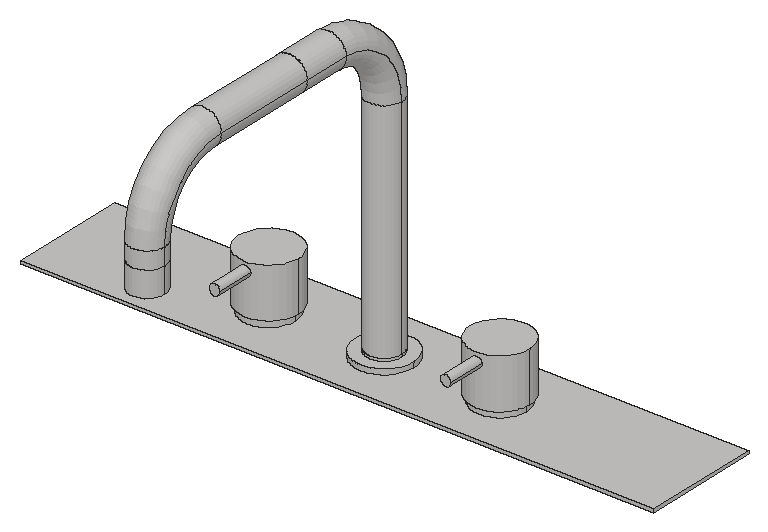
Revit family "BK6", category Generic Models, Revit 2021
Family settings
  Can host rebar = No
  Round Connector Dimension = Use Diameter
  Part Type = Normal
  Work Plane-Based = No
  Always vertical = Yes
  Cut with Voids When Loaded = No
  Shared = No
  Room Calculation Point = No
Parameters (values of type "Standard")
  e-mail = "info@vola.com"
  URL = "http://vola.com"
  Telephone = "+45 7023 5500"
  Quality management standard = "ISO 9001"
  Organisation no. / DUNS no. = "17531328"
  Occupational health and safety management standard = "ISO 18001"
  Mounting Instructions = "http://vola.com/service/producturl.ashx?name=BK6"
  Model = "BK6"
  Materials and components information = "http://vola.com/service/producturl.ashx?name=BK6"
  Manufacturer = "VOLA A/S"
  Maintenance Instructions = "http://vola.com/service/producturl.ashx?name=BK6"
  Guarantee = "2 years"
  Flow = "30,00 l/min"
  Environmental management standard = "ISO 14000"
  Default Elevation = 0.0000 mm
  Connection - All relevant connections = "½\" flexible hose"
  Approvals = "http://vola.com/service/producturl.ashx?name=BK6"
Reference planes
  plane 1 "Center (Front/Back)": y = 0
  plane 2: z = 0
  plane 3 "Center (Left/Right)": x = 0
Forms (mm)
  Extrusion 1, solid, material "Stainless Steel"
    sketch origin (0, 0, 6.5) x (1, 0, 0) y (0, 1, 0)
      loop
        line (-213.5, 40) -> (-213.5, -40) -> (213.5, -40) -> (213.5, 40) -> (-213.5, 40)
    from -6.5 to -4.5
  Extrusion 2, solid, material "Stainless Steel"
    sketch origin (0, 0, 2) x (1, 0, 0) y (0, 1, 0)
      loop
        circle (0, 0) r 20
    from 0 to 3.5
  Extrusion 3, solid, material "Stainless Steel"
    sketch origin (0, 0, 5.5) x (1, 0, 0) y (0, 1, 0)
      loop
        circle (0, 0) r 12
    from 0 to 2
  Sweep 4, solid, material "Stainless Steel"
    path origin (0, 0, 0) x (0, 1, 0) y (0, 0, 1)
      loop
        line (0, 7.5) -> (0, 160)
        arc (0, 160) -> (-13.912, 193.588) -> (-47.5, 207.5) r 47.5
        line (-47.5, 207.5) -> (-80, 207.5)
    profile origin (0, 0, 83.75) x (0, -1, 0) y (1, 0, 0)
      loop
        circle (0, 0) r 12
  Sweep 5, solid, material "Stainless Steel"
    path origin (0, 0, 0) x (0, 1, 0) y (0, 0, 1)
      loop
        line (-80, 207.5) -> (-152.5, 207.5)
        arc (-152.5, 207.5) -> (-186.088, 193.588) -> (-200, 160) r 47.5
        line (-200, 160) -> (-200, 148.5)
    profile origin (0, -116.25, 207.5) x (0, 0, -1) y (1, 0, 0)
      loop
        circle (0, 0) r 12
  Extrusion 6, solid, material "Stainless Steel"
    sketch origin (0, -200, 148.5) x (0, -1, 0) y (-1, 0, 0)
      loop
        circle (0, 0) r 12
    from 0 to 17.2
  Extrusion 7, solid, material "Stainless Steel"
    sketch origin (-78, 0, 0) x (1, 0, 0) y (0, 1, 0)
      loop
        circle (0, 0) r 20
    from 7 to 40.5
  Extrusion 8, solid, material "Stainless Steel"
    sketch origin (-78, 0, 0) x (1, 0, 0) y (0, 1, 0)
      loop
        circle (0, 0) r 18
    from 2 to 7
  Extrusion 9, solid, material "Stainless Steel"
    sketch origin (78, 0, 0) x (-1, 0, 0) y (0, -1, 0)
      loop
        circle (0, 0) r 20
    from 7 to 40.5
  Extrusion 10, solid, material "Stainless Steel"
    sketch origin (78, 0, 0) x (-1, 0, 0) y (0, -1, 0)
      loop
        circle (0, 0) r 18
    from 2 to 7
  Extrusion 11, solid, material "Stainless Steel"
    sketch origin (-78, 0, 0) x (1, 0, 0) y (0, 0, 1)
      loop
        circle (0, 34.5) r 3.5
    from 19 to 45.5
  Extrusion 12, solid, material "Stainless Steel"
    sketch origin (78, 0, 0) x (-1, 0, 0) y (0, 0, -1)
      loop
        circle (0, -34.5) r 3.5
    from 19 to 45.5
Cuts and joins
  joined: Extrusion 7, Extrusion 11
  joined: Extrusion 9, Extrusion 12
Dimensions and locks
  aligned and locked: plane 2 to level
